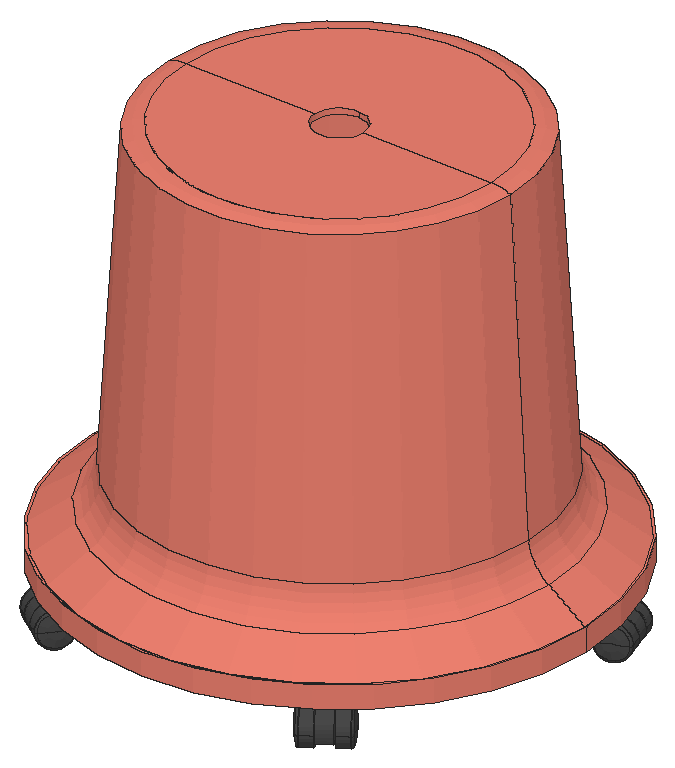
Revit family "Seating-Teknion-CQSMP_Routes_Multi-Use_Stool-R2018", category Furniture, Revit 2018
Family settings
  OmniClass Number = 23.40.20.00
  OmniClass Title = General Furniture and Specialties
  Work Plane-Based = No
  Always vertical = Yes
  Cut with Voids When Loaded = No
  Shared = Yes
  Room Calculation Point = No
Parameters (values of type "Multi-Use Stool")
  Warranty = "http://www.teknion.com/ca/papers/legal-canada"
  Unit Weight URL = "http://www.teknion.com/ca/tools/assets#&asset=bee6a381-b954-425e-8283-5a2de3a804f2,f828d448-4b62-4231-9e5f-9a8991c0ed77"
  URL = "www.teknion.com"
  To render please download texture images found here [instance] = "https://assets.teknion.com/web/5e81352c1dfdb467/revit-material-swatches/"
  Sustainability Data = "https://www.teknion.com/ca/tools/assets#&topic=216f99a5-57a0-44fc-b10a-9dee9b29ae4c&asset=444deb64-fe58-4b68-981e-f75e97781df7,b4ff2d81-9f2e-437d-9659-7cffb09c31cf"
  Series = "Routes"  # constant formula
  Product Page URL = "https://www.teknion.com/ca/products/all-products"
  Product Line = "Routes"  # constant formula
  Product Documentation Link = "https://assets.teknion.com/m/72af4764f50e983c/original/Routes-Reference-Guide.pdf"
  Plastic Seat Finish [instance] = Plastic - Teknion - 7W - Signal Red
  Part Number = "CQSMP"  # constant formula
  Model = "CQSMP"
  Manufacturer Phone = "416-661-3370"  # constant formula
  Manufacturer Fax = "416.661.4586"  # constant formula
  Manufacturer Contact Information = "http://www.teknion.com/ca/contactus"
  Manufacturer Address = "1150 Flint Road, Toronto, ON. M3J 2J5. Canada"  # constant formula
  Manufacturer = "Teknion"  # constant formula
  How To Use Teknion Materials User Guide [instance] = "https://assets.teknion.com/m/205dd0a49fa58060/original/How-to-add-a-Material-Library-and-Texture-Images-to-your-Revit-project.pdf"
  For Additional Finishes please visit [instance] = "https://assets.teknion.com/m/44a8009b046e5d47/original/Teknion_Materials_Library.zip"
  Description = "Routes Multi-Use Stool"
  Assembly Code = "E2020200"
Reference planes (in)
  plane 1 "Center Front/Back": y = 0.00346
  plane 2: z = 0
  plane 3 "Center Left/Right": x = 0.17126
  plane 4 "Left": x = -9.96875
  plane 5 "Right": x = 10.31128
  plane 6 "Back": y = 10.26374
  plane 7 "Front": y = -10.25683
  plane 8 "Top": z = 17.4375
Forms (in)
  Sweep 1, solid, material "Paint - Teknion - 52 - Ebony"
    path origin (0, 0, 0) x (1, 0, 0) y (0, 1, 0)
      loop
        line (0.51643, 10.26374) -> (1.02012, 10.26374)
    profile origin (0.76827, 10.26374, 0) x (0, 1, 0) y (0, 0, 1)
      loop
        circle (-0.72787, 0.72828) r 0.7283
  Sweep 2, solid, material "Paint - Teknion - 52 - Ebony"
    path origin (0.33686, 0, 0) x (-1, 0, 0) y (0, 1, 0)
      loop
        line (0.51643, 10.26374) -> (1.02012, 10.26374)
    profile origin (-0.43141, 10.26374, 0) x (0, -1, 0) y (0, 0, 1)
      loop
        circle (0.72787, 0.72828) r 0.7283
  Revolve 3, solid, material "Paint - Teknion - 52 - Ebony"
    sketch origin (0, 0, 0.72828) x (1, 0, 0) y (0, 1, 0)
      loop
        line (1.02012, 9.53587) -> (1.02012, 8.80757)
        arc (1.02012, 8.80757) -> (1.07979, 8.82931) -> (1.11156, 8.8843) r 0.09292
        arc (1.11156, 8.8843) -> (1.18042, 9.20654) -> (1.19156, 9.53587) r 1.86716
        line (1.19156, 9.53587) -> (1.02012, 9.53587)
      axis (1.02012, 9.53587) -> (1.19156, 9.53587)
    angle from 0 to 360
  Revolve 4, solid, material "Paint - Teknion - 52 - Ebony"
    sketch origin (0.33686, 0, 0.72828) x (-1, 0, 0) y (0, -1, 0)
      loop
        line (1.02012, -9.53587) -> (1.19156, -9.53587)
        arc (1.19156, -9.53587) -> (1.18042, -9.20654) -> (1.11156, -8.8843) r 1.86716
        arc (1.11156, -8.8843) -> (1.07979, -8.82931) -> (1.02012, -8.80757) r 0.09292
        line (1.02012, -8.80757) -> (1.02012, -9.53587)
      axis (1.02012, -9.53587) -> (1.19156, -9.53587)
    angle from 0 to 360
  Sweep 5, solid, material "Paint - Teknion - 52 - Ebony"
    path origin (0, 0, 0) x (1, 0, 0) y (0, 1, 0)
      loop
        line (-0.13957, 10.26374) -> (0.47643, 10.26374)
    profile origin (0.16843, 10.26374, 0) x (0, 1, 0) y (0, 0, 1)
      loop
        line (-1.58137, 0.37502) -> (-0.09098, 0.37502)
        arc (-0.09098, 0.37502) -> (-0.26201, 1.2881) -> (-1.19097, 1.29038) r 0.7283
        line (-1.19097, 1.29038) -> (-1.58137, 1.29038) -> (-1.58137, 0.37502)
  Sweep 6, solid, material "Paint - Teknion - 52 - Ebony"
    path origin (0.17126, 0, 0) x (0, 1, 0) y (0, 0, 1)
      loop
        line (8.98472, 1.40527) -> (8.98472, 1.29038)
    profile origin (0.17126, 8.98472, 1.34782) x (1, 0, 0) y (0, 1, 0)
      loop
        circle (-0.00293, 0) r 0.15794
  Sweep 7, void
    path origin (0.17126, 0, 0) x (0, 1, 0) y (0, 0, 1)
      loop
        line (8.96422, 1.40527) -> (8.96422, 0.27702)
    profile origin (0.17126, 8.96422, 0.84114) x (1, 0, 0) y (0, 1, 0)
      loop
        line (-0.31084, 0.02069) -> (-0.31084, -0.34889) -> (0.30516, -0.34889) -> (0.30516, 0.02069)
        arc (0.30516, 0.02069) -> (-0.00284, -0.28731) -> (-0.31084, 0.02069) r 0.308
  Sweep 8, solid, material "Paint - Teknion - 52 - Ebony"
    path origin (0, 0.00346, 0) x (1, 0, 0) y (0, 0, 1)
      loop
        line (0.16833, 1.40527) -> (0.16833, 1.56275)
    profile origin (0.16833, 0.00346, 1.48401) x (-1, 0, 0) y (0, -1, 0)
      loop
        circle (-0.00015, -8.98084) r 0.27542
  Sweep 9, solid, material "Paint - Teknion - 52 - Ebony"
    path origin (0.00272, -0.24287, 0) x (0.309017, 0.951057, 0) y (-0.951057, 0.309017, 0)
      loop
        line (0.51643, 10.26374) -> (1.02012, 10.26374)
    profile origin (-9.52126, 3.65947, 0) x (-0.951057, 0.309017, 0) y (0, 0, 1)
      loop
        circle (-0.72787, 0.72828) r 0.7283
  Sweep 10, solid, material "Paint - Teknion - 52 - Ebony"
    path origin (0.10682, 0.0775, 0) x (-0.309017, -0.951057, 0) y (-0.951057, 0.309017, 0)
      loop
        line (0.51643, 10.26374) -> (1.02012, 10.26374)
    profile origin (-9.89199, 2.5185, 0) x (0.951057, -0.309017, 0) y (0, 0, 1)
      loop
        circle (0.72787, 0.72828) r 0.7283
  Revolve 11, solid, material "Paint - Teknion - 52 - Ebony"
    sketch origin (0.00272, -0.24287, 0.72828) x (0.309017, 0.951057, 0) y (-0.951057, 0.309017, 0)
      loop
        line (1.02012, 9.53587) -> (1.02012, 8.80757)
        arc (1.02012, 8.80757) -> (1.07979, 8.82931) -> (1.11156, 8.8843) r 0.09292
        arc (1.11156, 8.8843) -> (1.18042, 9.20654) -> (1.19156, 9.53587) r 1.86716
        line (1.19156, 9.53587) -> (1.02012, 9.53587)
      axis (1.02012, 9.53587) -> (1.19156, 9.53587)
    angle from 0 to 360
  Revolve 12, solid, material "Paint - Teknion - 52 - Ebony"
    sketch origin (0.10682, 0.0775, 0.72828) x (-0.309017, -0.951057, 0) y (0.951057, -0.309017, 0)
      loop
        line (1.02012, -9.53587) -> (1.19156, -9.53587)
        arc (1.19156, -9.53587) -> (1.18042, -9.20654) -> (1.11156, -8.8843) r 1.86716
        arc (1.11156, -8.8843) -> (1.07979, -8.82931) -> (1.02012, -8.80757) r 0.09292
        line (1.02012, -8.80757) -> (1.02012, -9.53587)
      axis (1.02012, -9.53587) -> (1.19156, -9.53587)
    angle from 0 to 360
  Sweep 13, solid, material "Paint - Teknion - 52 - Ebony"
    path origin (0.00272, -0.24287, 0) x (0.309017, 0.951057, 0) y (-0.951057, 0.309017, 0)
      loop
        line (-0.13957, 10.26374) -> (0.47643, 10.26374)
    profile origin (-9.70663, 3.08899, 0) x (-0.951057, 0.309017, 0) y (0, 0, 1)
      loop
        line (-1.58137, 0.37502) -> (-0.09098, 0.37502)
        arc (-0.09098, 0.37502) -> (-0.26201, 1.2881) -> (-1.19097, 1.29038) r 0.7283
        line (-1.19097, 1.29038) -> (-1.58137, 1.29038) -> (-1.58137, 0.37502)
  Sweep 14, solid, material "Paint - Teknion - 52 - Ebony"
    path origin (0.05565, -0.07999, 0) x (-0.951057, 0.309017, 0) y (0, 0, 1)
      loop
        line (8.98472, 1.40527) -> (8.98472, 1.29038)
    profile origin (-8.48933, 2.69644, 1.34782) x (0.309017, 0.951057, 0) y (-0.951057, 0.309017, 0)
      loop
        circle (-0.00293, 0) r 0.15794
  Sweep 15, void
    path origin (0.05565, -0.07999, 0) x (-0.951057, 0.309017, 0) y (0, 0, 1)
      loop
        line (8.96422, 1.40527) -> (8.96422, 0.27702)
    profile origin (-8.46984, 2.69011, 0.84114) x (0.309017, 0.951057, 0) y (-0.951057, 0.309017, 0)
      loop
        line (-0.31084, 0.02069) -> (-0.31084, -0.34889) -> (0.30516, -0.34889) -> (0.30516, 0.02069)
        arc (0.30516, 0.02069) -> (-0.00284, -0.28731) -> (-0.31084, 0.02069) r 0.308
  Sweep 16, solid, material "Paint - Teknion - 52 - Ebony"
    path origin (-0.00056, -0.2418, 0) x (0.309017, 0.951057, 0) y (0, 0, 1)
      loop
        line (0.16833, 1.40527) -> (0.16833, 1.56275)
    profile origin (0.05145, -0.08171, 1.48401) x (-0.309017, -0.951057, 0) y (0.951057, -0.309017, 0)
      loop
        circle (-0.00015, -8.98084) r 0.27542
  Sweep 17, solid, material "Paint - Teknion - 52 - Ebony"
    path origin (0.33405, -0.2429, 0) x (-0.309017, 0.951057, 0) y (0.951057, 0.309017, 0)
      loop
        line (0.51643, 10.26374) -> (1.02012, 10.26374)
    profile origin (9.85803, 3.65944, 0) x (-0.951057, -0.309017, 0) y (0, 0, 1)
      loop
        circle (0.72787, 0.72828) r 0.7283
  Sweep 18, solid, material "Paint - Teknion - 52 - Ebony"
    path origin (0.22995, 0.07747, 0) x (0.309017, -0.951057, 0) y (0.951057, 0.309017, 0)
      loop
        line (0.51643, 10.26374) -> (1.02012, 10.26374)
    profile origin (10.22876, 2.51847, 0) x (0.951057, 0.309017, 0) y (0, 0, 1)
      loop
        circle (-0.72787, 0.72828) r 0.7283
  Revolve 19, solid, material "Paint - Teknion - 52 - Ebony"
    sketch origin (0.33405, -0.2429, 0.72828) x (-0.309017, 0.951057, 0) y (-0.951057, -0.309017, 0)
      loop
        line (1.02012, -9.53587) -> (1.19156, -9.53587)
        arc (1.19156, -9.53587) -> (1.18042, -9.20654) -> (1.11156, -8.8843) r 1.86716
        arc (1.11156, -8.8843) -> (1.07979, -8.82931) -> (1.02012, -8.80757) r 0.09292
        line (1.02012, -8.80757) -> (1.02012, -9.53587)
      axis (1.02012, -9.53587) -> (1.19156, -9.53587)
    angle from 0 to 360
  Revolve 20, solid, material "Paint - Teknion - 52 - Ebony"
    sketch origin (0.22995, 0.07747, 0.72828) x (0.309017, -0.951057, 0) y (0.951057, 0.309017, 0)
      loop
        line (1.02012, 9.53587) -> (1.02012, 8.80757)
        arc (1.02012, 8.80757) -> (1.07979, 8.82931) -> (1.11156, 8.8843) r 0.09292
        arc (1.11156, 8.8843) -> (1.18042, 9.20654) -> (1.19156, 9.53587) r 1.86716
        line (1.19156, 9.53587) -> (1.02012, 9.53587)
      axis (1.02012, 9.53587) -> (1.19156, 9.53587)
    angle from 0 to 360
  Sweep 21, solid, material "Paint - Teknion - 52 - Ebony"
    path origin (0.33405, -0.2429, 0) x (-0.309017, 0.951057, 0) y (0.951057, 0.309017, 0)
      loop
        line (-0.13957, 10.26374) -> (0.47643, 10.26374)
    profile origin (10.04339, 3.08896, 0) x (-0.951057, -0.309017, 0) y (0, 0, 1)
      loop
        line (1.58137, 0.37502) -> (1.58137, 1.29038) -> (1.19097, 1.29038)
        arc (1.19097, 1.29038) -> (0.26201, 1.2881) -> (0.09098, 0.37502) r 0.7283
        line (0.09098, 0.37502) -> (1.58137, 0.37502)
  Sweep 22, solid, material "Paint - Teknion - 52 - Ebony"
    path origin (0.28112, -0.08002, 0) x (0.951057, 0.309017, 0) y (0, 0, -1)
      loop
        line (8.98472, -1.40527) -> (8.98472, -1.29038)
    profile origin (8.8261, 2.69641, 1.34782) x (-0.309017, 0.951057, 0) y (-0.951057, -0.309017, 0)
      loop
        circle (-0.00293, 0) r 0.15794
  Sweep 23, void
    path origin (0.28112, -0.08002, 0) x (0.951057, 0.309017, 0) y (0, 0, -1)
      loop
        line (8.96422, -1.40527) -> (8.96422, -0.27702)
    profile origin (8.8066, 2.69008, 0.84114) x (-0.309017, 0.951057, 0) y (-0.951057, -0.309017, 0)
      loop
        arc (-0.31084, -0.02069) -> (-0.00284, 0.28731) -> (0.30516, -0.02069) r 0.308
        line (0.30516, -0.02069) -> (0.30516, 0.34889) -> (-0.31084, 0.34889) -> (-0.31084, -0.02069)
  Sweep 24, solid, material "Paint - Teknion - 52 - Ebony"
    path origin (0.33733, -0.24183, 0) x (-0.309017, 0.951057, 0) y (0, 0, -1)
      loop
        line (0.16833, -1.40527) -> (0.16833, -1.56275)
    profile origin (0.28531, -0.08173, 1.48401) x (-0.309017, 0.951057, 0) y (-0.951057, -0.309017, 0)
      loop
        circle (0.00015, -8.98084) r 0.27542
  Sweep 25, solid, material "Paint - Teknion - 52 - Ebony"
    path origin (0.10236, -0.31522, 0) x (0.809017, 0.587785, 0) y (0.587785, -0.809017, 0)
      loop
        line (0.51643, 10.26374) -> (1.02012, 10.26374)
    profile origin (6.75678, -8.16718, 0) x (-0.587785, 0.809017, 0) y (0, 0, 1)
      loop
        circle (0.72787, 0.72828) r 0.7283
  Sweep 26, solid, material "Paint - Teknion - 52 - Ebony"
    path origin (0.37488, -0.11722, 0) x (-0.809017, -0.587785, 0) y (0.587785, -0.809017, 0)
      loop
        line (0.51643, 10.26374) -> (1.02012, 10.26374)
    profile origin (5.78621, -8.87234, 0) x (0.587785, -0.809017, 0) y (0, 0, 1)
      loop
        circle (-0.72787, 0.72828) r 0.7283
  Revolve 27, solid, material "Paint - Teknion - 52 - Ebony"
    sketch origin (0.10236, -0.31522, 0.72828) x (0.809017, 0.587785, 0) y (-0.587785, 0.809017, 0)
      loop
        line (1.02012, -9.53587) -> (1.19156, -9.53587)
        arc (1.19156, -9.53587) -> (1.18042, -9.20654) -> (1.11156, -8.8843) r 1.86716
        arc (1.11156, -8.8843) -> (1.07979, -8.82931) -> (1.02012, -8.80757) r 0.09292
        line (1.02012, -8.80757) -> (1.02012, -9.53587)
      axis (1.02012, -9.53587) -> (1.19156, -9.53587)
    angle from 0 to 360
  Revolve 28, solid, material "Paint - Teknion - 52 - Ebony"
    sketch origin (0.37488, -0.11722, 0.72828) x (-0.809017, -0.587785, 0) y (0.587785, -0.809017, 0)
      loop
        line (1.02012, 9.53587) -> (1.02012, 8.80757)
        arc (1.02012, 8.80757) -> (1.07979, 8.82931) -> (1.11156, 8.8843) r 0.09292
        arc (1.11156, 8.8843) -> (1.18042, 9.20654) -> (1.19156, 9.53587) r 1.86716
        line (1.19156, 9.53587) -> (1.02012, 9.53587)
      axis (1.02012, 9.53587) -> (1.19156, 9.53587)
    angle from 0 to 360
  Sweep 29, solid, material "Paint - Teknion - 52 - Ebony"
    path origin (0.10236, -0.31522, 0) x (0.809017, 0.587785, 0) y (0.587785, -0.809017, 0)
      loop
        line (-0.13957, 10.26374) -> (0.47643, 10.26374)
    profile origin (6.27149, -8.51976, 0) x (-0.587785, 0.809017, 0) y (0, 0, 1)
      loop
        line (1.58137, 0.37502) -> (1.58137, 1.29038) -> (1.19097, 1.29038)
        arc (1.19097, 1.29038) -> (0.26201, 1.2881) -> (0.09098, 0.37502) r 0.7283
        line (0.09098, 0.37502) -> (1.58137, 0.37502)
  Sweep 30, solid, material "Paint - Teknion - 52 - Ebony"
    path origin (0.24091, -0.21456, 0) x (0.587785, -0.809017, 0) y (0, 0, -1)
      loop
        line (8.98472, -1.40527) -> (8.98472, -1.29038)
    profile origin (5.522, -7.48334, 1.34782) x (0.809017, 0.587785, 0) y (-0.587785, 0.809017, 0)
      loop
        circle (-0.00293, 0) r 0.15794
  Sweep 31, void
    path origin (0.24091, -0.21456, 0) x (0.587785, -0.809017, 0) y (0, 0, -1)
      loop
        line (8.96422, -1.40527) -> (8.96422, -0.27702)
    profile origin (5.50995, -7.46676, 0.84114) x (0.809017, 0.587785, 0) y (-0.587785, 0.809017, 0)
      loop
        arc (-0.31084, -0.02069) -> (-0.00284, 0.28731) -> (0.30516, -0.02069) r 0.308
        line (0.30516, -0.02069) -> (0.30516, 0.34889) -> (-0.31084, 0.34889) -> (-0.31084, -0.02069)
  Sweep 32, solid, material "Paint - Teknion - 52 - Ebony"
    path origin (0.10439, -0.31802, 0) x (0.809017, 0.587785, 0) y (0, 0, -1)
      loop
        line (0.16833, -1.40527) -> (0.16833, -1.56275)
    profile origin (0.24057, -0.21907, 1.48401) x (0.809017, 0.587785, 0) y (-0.587785, 0.809017, 0)
      loop
        circle (0.00015, -8.98084) r 0.27542
  Sweep 33, solid, material "Paint - Teknion - 52 - Ebony"
    path origin (0.24017, -0.31522, 0) x (-0.809017, 0.587785, 0) y (-0.587785, -0.809017, 0)
      loop
        line (0.51643, 10.26374) -> (1.02012, 10.26374)
    profile origin (-6.41425, -8.16718, 0) x (-0.587785, -0.809017, 0) y (0, 0, 1)
      loop
        circle (-0.72787, 0.72828) r 0.7283
  Sweep 34, solid, material "Paint - Teknion - 52 - Ebony"
    path origin (-0.03235, -0.11722, 0) x (0.809017, -0.587785, 0) y (-0.587785, -0.809017, 0)
      loop
        line (0.51643, 10.26374) -> (1.02012, 10.26374)
    profile origin (-5.44368, -8.87234, 0) x (0.587785, 0.809017, 0) y (0, 0, 1)
      loop
        circle (0.72787, 0.72828) r 0.7283
  Revolve 35, solid, material "Paint - Teknion - 52 - Ebony"
    sketch origin (0.24017, -0.31522, 0.72828) x (-0.809017, 0.587785, 0) y (-0.587785, -0.809017, 0)
      loop
        line (1.02012, 9.53587) -> (1.02012, 8.80757)
        arc (1.02012, 8.80757) -> (1.07979, 8.82931) -> (1.11156, 8.8843) r 0.09292
        arc (1.11156, 8.8843) -> (1.18042, 9.20654) -> (1.19156, 9.53587) r 1.86716
        line (1.19156, 9.53587) -> (1.02012, 9.53587)
      axis (1.02012, 9.53587) -> (1.19156, 9.53587)
    angle from 0 to 360
  Revolve 36, solid, material "Paint - Teknion - 52 - Ebony"
    sketch origin (-0.03235, -0.11722, 0.72828) x (0.809017, -0.587785, 0) y (0.587785, 0.809017, 0)
      loop
        line (1.02012, -9.53587) -> (1.19156, -9.53587)
        arc (1.19156, -9.53587) -> (1.18042, -9.20654) -> (1.11156, -8.8843) r 1.86716
        arc (1.11156, -8.8843) -> (1.07979, -8.82931) -> (1.02012, -8.80757) r 0.09292
        line (1.02012, -8.80757) -> (1.02012, -9.53587)
      axis (1.02012, -9.53587) -> (1.19156, -9.53587)
    angle from 0 to 360
  Sweep 37, solid, material "Paint - Teknion - 52 - Ebony"
    path origin (0.24017, -0.31522, 0) x (-0.809017, 0.587785, 0) y (-0.587785, -0.809017, 0)
      loop
        line (-0.13957, 10.26374) -> (0.47643, 10.26374)
    profile origin (-5.92896, -8.51976, 0) x (-0.587785, -0.809017, 0) y (0, 0, 1)
      loop
        line (-1.58137, 0.37502) -> (-0.09098, 0.37502)
        arc (-0.09098, 0.37502) -> (-0.26201, 1.2881) -> (-1.19097, 1.29038) r 0.7283
        line (-1.19097, 1.29038) -> (-1.58137, 1.29038) -> (-1.58137, 0.37502)
  Sweep 38, solid, material "Paint - Teknion - 52 - Ebony"
    path origin (0.10162, -0.21456, 0) x (-0.587785, -0.809017, 0) y (0, 0, 1)
      loop
        line (8.98472, 1.40527) -> (8.98472, 1.29038)
    profile origin (-5.17947, -7.48334, 1.34782) x (-0.809017, 0.587785, 0) y (-0.587785, -0.809017, 0)
      loop
        circle (-0.00293, 0) r 0.15794
  Sweep 39, void
    path origin (0.10162, -0.21456, 0) x (-0.587785, -0.809017, 0) y (0, 0, 1)
      loop
        line (8.96422, 1.40527) -> (8.96422, 0.27702)
    profile origin (-5.16742, -7.46676, 0.84114) x (-0.809017, 0.587785, 0) y (-0.587785, -0.809017, 0)
      loop
        line (-0.31084, 0.02069) -> (-0.31084, -0.34889) -> (0.30516, -0.34889) -> (0.30516, 0.02069)
        arc (0.30516, 0.02069) -> (-0.00284, -0.28731) -> (-0.31084, 0.02069) r 0.308
  Sweep 40, solid, material "Paint - Teknion - 52 - Ebony"
    path origin (0.23814, -0.31802, 0) x (-0.809017, 0.587785, 0) y (0, 0, 1)
      loop
        line (0.16833, 1.40527) -> (0.16833, 1.56275)
    profile origin (0.10196, -0.21907, 1.48401) x (0.809017, -0.587785, 0) y (0.587785, 0.809017, 0)
      loop
        circle (-0.00015, -8.98084) r 0.27542
  Revolve 41, solid, material "Plastic - Teknion - 7W - Signal Red" <- "Plastic Seat Finish"
    sketch origin (0, -0.12402, 0) x (1, 0, 0) y (0, 0, 1)
      loop
        arc (-6.08806, 17.4375) -> (-6.47705, 17.39226) -> (-6.85295, 17.28246) r 2.32752
        line (-6.85295, 17.28246) -> (-7.61155, 4.86979)
        arc (-7.61155, 4.86979) -> (-7.84761, 4.08172) -> (-8.409, 3.48037) r 1.80427
        line (-8.409, 3.48037) -> (-9.88467, 2.46852) -> (-9.96875, 2.46852) -> (-9.96875, 1.56852) -> (0.17126, 1.56852) -> (0.17126, 17.4375) -> (-6.08806, 17.4375)
      axis (0.17126, 17.4375) -> (0.17126, 1.56852)
    angle from 0 to 360
  Revolve 42, void
    sketch origin (0, 0.00346, 0) x (1, 0, 0) y (0, 0, 1)
      loop
        line (8.53638, 0.29038) -> (8.53638, 3.2541)
        arc (8.53638, 3.2541) -> (7.97393, 3.97145) -> (7.75258, 4.85572) r 2.18805
        line (7.75258, 4.85572) -> (7.00152, 17.11854)
        arc (7.00152, 17.11854) -> (6.67763, 17.19589) -> (6.34564, 17.22188) r 2.13299
        line (6.34564, 17.22188) -> (0.17126, 17.22188) -> (0.17126, 0.29038) -> (8.53638, 0.29038)
      axis (0.17126, 17.22188) -> (0.17126, 0.29038)
    angle from 0 to 360
  Sweep 43, void
    path origin (0, 0.00346, 0) x (1, 0, 0) y (0, 0, 1)
      loop
        line (0.17126, 18.9375) -> (0.17126, 12.6875)
    profile origin (0.17126, 0.00346, 15.8125) x (0, -1, 0) y (1, 0, 0)
      loop
        circle (0.12247, 0) r 0.98919
Cuts and joins
  joined: Sweep 1, Revolve 3
  joined: Sweep 2, Revolve 4
  Sweep 7, Sweep 15 cuts Sweep 5
  Sweep 15, Sweep 23 cuts Sweep 13
  Sweep 23, Sweep 31 cuts Sweep 21
  Sweep 31, Sweep 39 cuts Sweep 29
  Sweep 39 cuts Sweep 37
  Revolve 42, Sweep 43 cuts Revolve 41
Lines and regions (in)
  Masking region 1
    outline origin (0, 0, 0) x (1, 0, 0) y (0, 1, 0)
      loop
        circle (0.17126, -0.12402) r 10.14001
  Masking region 2
    outline origin (0, 0, 0) x (1, 0, 0) y (0, 1, 0)
      loop
        arc (-0.82812, 9.9647) -> (-0.50379, 9.98664) -> (-0.17957, 10.01005) r 71.82752
        line (-0.17957, 10.01005) -> (-0.17957, 10.26374) -> (-0.68996, 10.26374)
        arc (-0.68996, 10.26374) -> (-0.74543, 10.24014) -> (-0.7747, 10.18744) r 0.09282
        arc (-0.7747, 10.18744) -> (-0.80618, 10.07721) -> (-0.82812, 9.9647) r 1.34095
      loop
        line (-0.13957, 10.26417) -> (-0.13957, 10.00978) -> (0.47643, 10.00978) -> (0.47643, 10.26417) -> (-0.13957, 10.26417)
      loop
        arc (0.51643, 10.00978) -> (0.84112, 9.98883) -> (1.16557, 9.96439) r 30.20817
        arc (1.16557, 9.96439) -> (1.13986, 10.09168) -> (1.10162, 10.21578) r 1.30456
        arc (1.10162, 10.21578) -> (1.07087, 10.24927) -> (1.02777, 10.26374) r 0.09116
        line (1.02777, 10.26374) -> (0.51643, 10.26374) -> (0.51643, 10.00978)
      loop
        arc (-9.73058, 2.04894) -> (-9.65123, 2.36417) -> (-9.5733, 2.67976) r 71.82752
        line (-9.5733, 2.67976) -> (-9.81457, 2.75815) -> (-9.97229, 2.27274)
        arc (-9.97229, 2.27274) -> (-9.96698, 2.21269) -> (-9.92591, 2.16857) r 0.09282
        arc (-9.92591, 2.16857) -> (-9.83081, 2.10457) -> (-9.73058, 2.04894) r 1.34095
      loop
        line (-9.80262, 2.79633) -> (-9.56068, 2.71772) -> (-9.37033, 3.30357) -> (-9.61227, 3.38218) -> (-9.80262, 2.79633)
      loop
        arc (-9.35797, 3.34161) -> (-9.23771, 3.64394) -> (-9.1142, 3.94495) r 30.20817
        arc (-9.1142, 3.94495) -> (-9.24321, 3.95984) -> (-9.37305, 3.96182) r 1.30456
        arc (-9.37305, 3.96182) -> (-9.4144, 3.94292) -> (-9.44148, 3.9064) r 0.09116
        line (-9.44148, 3.9064) -> (-9.5995, 3.42009) -> (-9.35797, 3.34161)
      loop
        arc (10.07319, 2.05192) -> (10.17015, 2.10624) -> (10.26227, 2.16841) r 1.34095
        arc (10.26227, 2.16841) -> (10.30334, 2.21253) -> (10.30865, 2.27258) r 0.09282
        line (10.30865, 2.27258) -> (10.15093, 2.75799) -> (9.91619, 2.68172)
        arc (9.91619, 2.68172) -> (9.99398, 2.36664) -> (10.07319, 2.05192) r 71.82752
      loop
        line (10.13898, 2.79616) -> (9.94863, 3.38202) -> (9.71266, 3.30534) -> (9.90301, 2.71949) -> (10.13898, 2.79616)
      loop
        line (9.69921, 3.34303) -> (9.93586, 3.41992) -> (9.77784, 3.90624)
        arc (9.77784, 3.90624) -> (9.75076, 3.94276) -> (9.70941, 3.96166) r 0.09116
        arc (9.70941, 3.96166) -> (9.58212, 3.95984) -> (9.45561, 3.94562) r 1.30456
        arc (9.45561, 3.94562) -> (9.57903, 3.64498) -> (9.69921, 3.34303) r 30.20817
      loop
        arc (-4.95369, -8.8716) -> (-5.2305, -8.69775) -> (-5.5081, -8.52515) r 71.8273
        line (-5.5081, -8.52515) -> (-5.65355, -8.72496) -> (-5.23698, -9.02732)
        arc (-5.23698, -9.02732) -> (-5.17702, -9.0405) -> (-5.12165, -9.01399) r 0.09433
        arc (-5.12165, -9.01399) -> (-5.03474, -8.94625) -> (-4.95369, -8.8716) r 1.34146
      loop
        line (-5.68215, -8.70405) -> (-5.5363, -8.5033) -> (-6.03465, -8.14123) -> (-6.1805, -8.34198) -> (-5.68215, -8.70405)
      loop
        arc (-6.07142, -8.11507) -> (-6.32063, -7.90824) -> (-6.56761, -7.69875) r 30.2086
        arc (-6.56761, -7.69875) -> (-6.61941, -7.81366) -> (-6.6599, -7.93304) r 1.30655
        arc (-6.6599, -7.93304) -> (-6.65536, -7.97818) -> (-6.63002, -8.01582) r 0.09312
        line (-6.63002, -8.01582) -> (-6.21675, -8.31549) -> (-6.07142, -8.11507)
      loop
        arc (5.29663, -8.87077) -> (5.37724, -8.945) -> (5.46364, -9.01239) r 1.34095
        arc (5.46364, -9.01239) -> (5.51829, -9.03782) -> (5.57704, -9.02431) r 0.09282
        line (5.57704, -9.02431) -> (5.98996, -8.72431) -> (5.84665, -8.52707)
        arc (5.84665, -8.52707) -> (5.57125, -8.6983) -> (5.29663, -8.87077) r 71.82752
      loop
        line (6.02257, -8.70115) -> (6.52092, -8.33907) -> (6.37718, -8.14123) -> (5.87883, -8.5033) -> (6.02257, -8.70115)
      loop
        line (6.40949, -8.11765) -> (6.55303, -8.31521) -> (6.96671, -8.01465)
        arc (6.96671, -8.01465) -> (6.99308, -7.97761) -> (6.99828, -7.93245) r 0.09116
        arc (6.99828, -7.93245) -> (6.95811, -7.81423) -> (6.90683, -7.7004) r 1.30456
        arc (6.90683, -7.7004) -> (6.65928, -7.91036) -> (6.40949, -8.11765) r 30.20817
  symbolic lines
    curve 1: arc (8.75153, -0.12402, 0) -> (0.17126, 8.45624, 0) -> (-8.409, -0.12402, 0) r 8.58026
    curve 2: arc (-8.409, -0.12402, 0) -> (0.17126, -8.70428, 0) -> (8.75153, -0.12402, 0) r 8.58026
    curve 3: arc (-6.85295, -0.12402, 0) -> (0.17126, -7.14823, 0) -> (7.19548, -0.12402, 0) r 7.02421
    curve 4: arc (7.19548, -0.12402, 0) -> (0.17126, 6.90019, 0) -> (-6.85295, -0.12402, 0) r 7.02421
    curve 5: arc (6.43058, -0.12402, 0) -> (0.17126, 6.1353, 0) -> (-6.08806, -0.12402, 0) r 6.25932
    curve 6: arc (-6.08806, -0.12402, 0) -> (0.17126, -6.38334, 0) -> (6.43058, -0.12402, 0) r 6.25932
    curve 7: arc (10.22182, -0.12402, 0) -> (0.17126, 9.92653, 0) -> (-9.87929, -0.12402, 0) r 10.05055
    curve 8: arc (-9.879, -0.12402, 0) -> (0.17126, -10.17428, 0) -> (10.22153, -0.12402, 0) r 10.05026
    curve 9: arc (0.17126, 0.87018, 0) -> (-0.81793, -0.11902, 0) -> (0.17126, -1.10821, 0) r 0.98919
    curve 10: arc (0.17126, -1.10821, 0) -> (1.16046, -0.11902, 0) -> (0.17126, 0.87018, 0) r 0.98919
  symbolic lines, style "FurnitureHiddenLines", detail levels fine
    curve 11: arc (-9.1142, 3.94495, 0) -> (-8.58968, 3.8023, 0) -> (-8.10326, 3.55969, 0) r 2.76193
    curve 12: arc (-8.10326, 3.55969, 0) -> (-8.063, 3.51158, 0) -> (-8.05854, 3.44901, 0) r 0.10192
    curve 13: line (-8.05854, 3.44901, 0) -> (-8.21419, 2.96997, 0)
    curve 14: line (-8.21419, 2.96997, 0) -> (-9.35797, 3.34161, 0)
    curve 15: line (-9.37033, 3.30357, 0) -> (-8.47876, 3.01388, 0)
    curve 16: line (-8.47876, 3.01388, 0) -> (-8.66912, 2.42803, 0)
    curve 17: line (-8.66912, 2.42803, 0) -> (-9.56068, 2.71772, 0)
    curve 18: line (-9.5733, 2.67976, 0) -> (-8.42926, 2.30804, 0)
    curve 19: line (-8.42926, 2.30804, 0) -> (-8.58491, 1.829, 0)
    curve 20: arc (-8.58491, 1.829, 0) -> (-8.62402, 1.77895, 0) -> (-8.68614, 1.76575, 0) r 0.09285
    curve 21: arc (-8.68614, 1.76575, 0) -> (-9.22262, 1.85475, 0) -> (-9.73058, 2.04894, 0) r 2.71372
    curve 30: circle (-8.49173, 2.69337, 0) r 0.52344 normal (0, 0, 1)
    curve 31: circle (-8.48989, 2.69487, 0) r 0.15733 normal (0, 0, 1)
    curve 33: arc (1.16557, 9.96482, 0) -> (1.19199, 9.42189, 0) -> (1.11156, 8.8843, 0) r 2.76193
    curve 34: arc (1.11156, 8.8843, 0) -> (1.07825, 8.83115, 0) -> (1.02012, 8.80757, 0) r 0.10192
    curve 35: line (1.02012, 8.80757, 0) -> (0.51643, 8.80757, 0)
    curve 36: line (0.51643, 8.80757, 0) -> (0.51643, 10.01021, 0)
    curve 37: line (0.47643, 10.01021, 0) -> (0.47643, 9.07276, 0)
    curve 38: line (0.47643, 9.07276, 0) -> (-0.13957, 9.07276, 0)
    curve 39: line (-0.13957, 9.07276, 0) -> (-0.13957, 10.01021, 0)
    curve 40: line (-0.17957, 10.01048, 0) -> (-0.17957, 8.80757, 0)
    curve 41: line (-0.17957, 8.80757, 0) -> (-0.68326, 8.80757, 0)
    curve 42: arc (-0.68326, 8.80757, 0) -> (-0.74294, 8.82929, 0) -> (-0.7747, 8.8843, 0) r 0.09285
    curve 43: arc (-0.7747, 8.8843, 0) -> (-0.85583, 9.42203, 0) -> (-0.82812, 9.96513, 0) r 2.71372
    curve 52: circle (0.1676, 8.98605, 0) r 0.52344 normal (0, 0, 1)
    curve 53: circle (0.16959, 8.98476, 0) r 0.15733 normal (0, 0, 1)
    curve 55: arc (9.45673, 3.94495, 0) -> (8.93221, 3.8023, 0) -> (8.44579, 3.55969, 0) r 2.76193
    curve 56: arc (8.44579, 3.55969, 0) -> (8.40553, 3.51158, 0) -> (8.40107, 3.44901, 0) r 0.10192
    curve 57: line (8.40107, 3.44901, 0) -> (8.55672, 2.96997, 0)
    curve 58: line (8.55672, 2.96997, 0) -> (9.7005, 3.34161, 0)
    curve 59: line (9.71286, 3.30357, 0) -> (8.82129, 3.01388, 0)
    curve 60: line (8.82129, 3.01388, 0) -> (9.01165, 2.42803, 0)
    curve 61: line (9.01165, 2.42803, 0) -> (9.90321, 2.71772, 0)
    curve 62: line (9.91583, 2.67976, 0) -> (8.77179, 2.30804, 0)
    curve 63: line (8.77179, 2.30804, 0) -> (8.92744, 1.829, 0)
    curve 64: arc (8.92744, 1.829, 0) -> (8.96655, 1.77895, 0) -> (9.02867, 1.76575, 0) r 0.09285
    curve 65: arc (9.02867, 1.76575, 0) -> (9.56515, 1.85475, 0) -> (10.07311, 2.04894, 0) r 2.71372
    curve 74: circle (8.83425, 2.69337, 0) r 0.52344 normal (0, 0, -1)
    curve 75: circle (8.83242, 2.69487, 0) r 0.15733 normal (0, 0, -1)
    curve 77: arc (5.29621, -8.87104, 0) -> (4.95144, -8.44439, 0) -> (4.69779, -7.95801, 0) r 2.76193
    curve 78: arc (4.69779, -7.95801, 0) -> (4.6935, -7.89543, 0) -> (4.72667, -7.84219, 0) r 0.10192
    curve 79: line (4.72667, -7.84219, 0) -> (5.13416, -7.54613, 0)
    curve 80: line (5.13416, -7.54613, 0) -> (5.84679, -8.52698, 0)
    curve 81: line (5.87884, -8.50304, 0) -> (5.3224, -7.73716, 0)
    curve 82: line (5.3224, -7.73716, 0) -> (5.82075, -7.37509, 0)
    curve 83: line (5.82075, -7.37509, 0) -> (6.37717, -8.14093, 0)
    curve 84: line (6.40962, -8.11755, 0) -> (5.69723, -7.13703, 0)
    curve 85: line (5.69723, -7.13703, 0) -> (6.10473, -6.84097, 0)
    curve 86: arc (6.10473, -6.84097, 0) -> (6.16578, -6.82346, 0) -> (6.22381, -6.8493, 0) r 0.09285
    curve 87: arc (6.22381, -6.8493, 0) -> (6.60843, -7.24028, 0) -> (6.90659, -7.70061, 0) r 2.71372
    curve 96: circle (5.52127, -7.48548, 0) r 0.52344 normal (0, 0, 1)
    curve 97: circle (5.51891, -7.48562, 0) r 0.15733 normal (0, 0, 1)
    curve 99: arc (-4.95403, -8.87139, 0) -> (-4.60905, -8.44459, 0) -> (-4.35526, -7.95801, 0) r 2.76193
    curve 100: arc (-4.35526, -7.95801, 0) -> (-4.35097, -7.89543, 0) -> (-4.38414, -7.84219, 0) r 0.10192
    curve 101: line (-4.38414, -7.84219, 0) -> (-4.79526, -7.54349, 0)
    curve 102: line (-4.79526, -7.54349, 0) -> (-5.50794, -8.52441, 0)
    curve 103: line (-5.53656, -8.50338, 0) -> (-4.97987, -7.73716, 0)
    curve 104: line (-4.97987, -7.73716, 0) -> (-5.47822, -7.37509, 0)
    curve 105: line (-5.47822, -7.37509, 0) -> (-6.02924, -8.1335, 0)
    curve 106: line (-6.06176, -8.11021, 0) -> (-5.35471, -7.13703, 0)
    curve 107: line (-5.35471, -7.13703, 0) -> (-5.7622, -6.84097, 0)
    curve 108: arc (-5.7622, -6.84097, 0) -> (-5.82325, -6.82346, 0) -> (-5.88128, -6.8493, 0) r 0.09285
    curve 109: arc (-5.88128, -6.8493, 0) -> (-6.26298, -7.23664, 0) -> (-6.55979, -7.69231, 0) r 2.71372
    curve 118: circle (-5.17874, -7.48548, 0) r 0.52344 normal (0, 0, -1)
    curve 119: circle (-5.17638, -7.48562, 0) r 0.15733 normal (0, 0, -1)
  symbolic lines, style "FurnitureHiddenLines", detail levels medium+fine
    curve 22: line (-9.03145, 3.4491, 0) -> (-9.372, 2.40098, 0)
    curve 23: line (-7.73509, 3.23503, 0) -> (-8.78321, 3.57558, 0)
    curve 24: line (-9.24552, 2.15274, 0) -> (-8.1974, 1.81219, 0)
    curve 25: line (-7.94916, 1.93867, 0) -> (-7.60861, 2.98679, 0)
    curve 26: arc (-9.03145, 3.4491, 0) -> (-8.93352, 3.56375, 0) -> (-8.78321, 3.57558, 0) r 0.197
    curve 27: arc (-7.73509, 3.23503, 0) -> (-7.62044, 3.13711, 0) -> (-7.60861, 2.98679, 0) r 0.197
    curve 28: arc (-9.372, 2.40098, 0) -> (-9.36017, 2.25066, 0) -> (-9.24552, 2.15274, 0) r 0.197
    curve 29: arc (-8.1974, 1.81219, 0) -> (-8.04708, 1.82402, 0) -> (-7.94916, 1.93867, 0) r 0.197
    curve 32: circle (-8.49193, 2.69487, 0) r 0.37333 normal (0, 0, 1)
    curve 44: line (0.71956, 9.73289, 0) -> (-0.3825, 9.73289, 0)
    curve 45: line (0.91656, 8.43382, 0) -> (0.91656, 9.53589, 0)
    curve 46: line (-0.5795, 9.53589, 0) -> (-0.5795, 8.43382, 0)
    curve 47: line (-0.3825, 8.23682, 0) -> (0.71956, 8.23682, 0)
    curve 48: arc (0.71956, 9.73289, 0) -> (0.85886, 9.67519, 0) -> (0.91656, 9.53589, 0) r 0.197
    curve 49: arc (0.91656, 8.43382, 0) -> (0.85886, 8.29452, 0) -> (0.71956, 8.23682, 0) r 0.197
    curve 50: arc (-0.3825, 9.73289, 0) -> (-0.5218, 9.67519, 0) -> (-0.5795, 9.53589, 0) r 0.197
    curve 51: arc (-0.5795, 8.43382, 0) -> (-0.5218, 8.29452, 0) -> (-0.3825, 8.23682, 0) r 0.197
    curve 54: circle (0.16896, 8.98671, 0) r 0.37333 normal (0, 0, 1)
    curve 66: line (9.37398, 3.4491, 0) -> (9.71453, 2.40098, 0)
    curve 67: line (8.07762, 3.23503, 0) -> (9.12574, 3.57558, 0)
    curve 68: line (9.58805, 2.15274, 0) -> (8.53993, 1.81219, 0)
    curve 69: line (8.29169, 1.93867, 0) -> (7.95113, 2.98679, 0)
    curve 70: arc (9.37398, 3.4491, 0) -> (9.27605, 3.56375, 0) -> (9.12574, 3.57558, 0) r 0.197
    curve 71: arc (8.07762, 3.23503, 0) -> (7.96296, 3.13711, 0) -> (7.95113, 2.98679, 0) r 0.197
    curve 72: arc (9.71453, 2.40098, 0) -> (9.7027, 2.25066, 0) -> (9.58805, 2.15274, 0) r 0.197
    curve 73: arc (8.53993, 1.81219, 0) -> (8.38961, 1.82402, 0) -> (8.29169, 1.93867, 0) r 0.197
    curve 76: circle (8.83446, 2.69487, 0) r 0.37333 normal (0, 0, -1)
    curve 88: line (5.51371, -8.41412, 0) -> (6.4053, -7.76635, 0)
    curve 89: line (4.59076, -7.47895, 0) -> (5.23854, -8.37054, 0)
    curve 90: line (6.44888, -7.49118, 0) -> (5.8011, -6.59959, 0)
    curve 91: line (5.52593, -6.55601, 0) -> (4.63434, -7.20378, 0)
    curve 92: arc (5.51371, -8.41412, 0) -> (5.3671, -8.44932, 0) -> (5.23854, -8.37054, 0) r 0.197
    curve 93: arc (4.59076, -7.47895, 0) -> (4.55556, -7.33234, 0) -> (4.63434, -7.20378, 0) r 0.197
    curve 94: arc (6.4053, -7.76635, 0) -> (6.48408, -7.63779, 0) -> (6.44888, -7.49118, 0) r 0.197
    curve 95: arc (5.8011, -6.59959, 0) -> (5.67254, -6.52081, 0) -> (5.52593, -6.55601, 0) r 0.197
    curve 98: circle (5.52056, -7.48682, 0) r 0.37333 normal (0, 0, 1)
    curve 110: line (-5.17118, -8.41412, 0) -> (-6.06277, -7.76635, 0)
    curve 111: line (-4.24823, -7.47895, 0) -> (-4.89601, -8.37054, 0)
    curve 112: line (-6.10635, -7.49118, 0) -> (-5.45857, -6.59959, 0)
    curve 113: line (-5.1834, -6.55601, 0) -> (-4.29182, -7.20378, 0)
    curve 114: arc (-5.17118, -8.41412, 0) -> (-5.02457, -8.44932, 0) -> (-4.89601, -8.37054, 0) r 0.197
    curve 115: arc (-4.24823, -7.47895, 0) -> (-4.21303, -7.33234, 0) -> (-4.29182, -7.20378, 0) r 0.197
    curve 116: arc (-6.06277, -7.76635, 0) -> (-6.14155, -7.63779, 0) -> (-6.10635, -7.49118, 0) r 0.197
    curve 117: arc (-5.45857, -6.59959, 0) -> (-5.33001, -6.52081, 0) -> (-5.1834, -6.55601, 0) r 0.197
    curve 120: circle (-5.17803, -7.48682, 0) r 0.37333 normal (0, 0, -1)
Dimensions and locks (in)
  locked: plane 4 "Left" to plane 5 "Right" at 20.28003
  locked: plane 6 "Back" to plane 7 "Front" at 20.52056
  plane 8 "Top" to level = 17.4375"
  equal spacing: plane 7 "Front", plane 1 "Center Front/Back", plane 6 "Back"
  equal spacing: plane 4 "Left", plane 3 "Center Left/Right", plane 5 "Right"
  aligned and locked: level to plane 2
Automatic sketch dimensions
  Sweep 1 sketch curve to plane 6 "Back" = 0.000"
  plane 3 "Center Left/Right" to Sweep 1 sketch curve = 0.34516"
  Sweep 1 sketch curve to Sweep 1 sketch curve = 0.50369"
  profile plane to Sweep 1 sketch curve = 0.72787"
  level to Sweep 1 sketch curve = 0.72828"
  Sweep 2 sketch curve to plane 6 "Back" = 0.000"
  plane 3 "Center Left/Right" to Sweep 2 sketch curve = 0.35084"
  Sweep 2 sketch curve to Sweep 2 sketch curve = 0.50369"
  Sweep 2 sketch curve to profile plane = 0.72787"
  level to Sweep 2 sketch curve = 0.72828"
  Revolve 3 sketch curve to plane 3 "Center Left/Right" = 0.84409"
  plane 3 "Center Left/Right" to Revolve 3 sketch curve = 0.8488"
  Revolve 3 sketch curve to Revolve 3 sketch curve = 0.00005"
  Revolve 3 sketch curve to Revolve 3 sketch curve = 0.17145"
  Revolve 3 sketch curve to plane 6 "Back" = 1.45617"
  Revolve 3 sketch curve to Revolve 3 sketch curve = 0.09292"
  Revolve 3 sketch curve to plane 6 "Back" = 0.82965"
  Revolve 3 sketch curve to Revolve 3 sketch curve = 0.63538"
  Revolve 3 sketch curve to Revolve 3 sketch curve = 0.06958"
  Revolve 3 sketch curve to Revolve 3 sketch curve = 0.50897"
  Revolve 3 sketch curve to Revolve 3 sketch curve = 0.000"
  plane 3 "Center Left/Right" to Revolve 4 sketch curve = 0.83842"
  Revolve 4 sketch curve to plane 3 "Center Left/Right" = 0.85447"
  Revolve 4 sketch curve to Revolve 4 sketch curve = 0.00005"
  Revolve 4 sketch curve to Revolve 4 sketch curve = 0.17145"
  Revolve 4 sketch curve to plane 6 "Back" = 0.72787"
  Revolve 4 sketch curve to plane 6 "Back" = 0.82965"
  Revolve 4 sketch curve to Revolve 4 sketch curve = 0.63538"
  Revolve 4 sketch curve to Revolve 4 sketch curve = 0.09292"
  Revolve 4 sketch curve to Revolve 4 sketch curve = 0.06958"
  Revolve 4 sketch curve to Revolve 4 sketch curve = 0.50897"
  Revolve 4 sketch curve to Revolve 4 sketch curve = 0.000"
  Sweep 5 sketch curve to plane 6 "Back" = 0.000"
  Sweep 5 sketch curve to plane 3 "Center Left/Right" = 0.31084"
  plane 3 "Center Left/Right" to Sweep 5 sketch curve = 0.30516"
  level to Sweep 5 sketch curve = 0.37502"
  profile plane to Sweep 5 sketch curve = 1.58137"
  Sweep 5 sketch curve to Sweep 5 sketch curve = 0.39039"
  profile plane to Sweep 5 sketch curve = 0.72787"
  profile plane to Sweep 5 sketch curve = 0.09098"
  level to Sweep 5 sketch curve = 0.72828"
  Sweep 6 sketch curve to plane 6 "Back" = 1.27902"
  level to Sweep 6 sketch curve = 1.29038"
  Sweep 6 sketch curve to Sweep 6 sketch curve = 0.11489"
  profile plane to Sweep 6 sketch curve = 0.000"
  Sweep 6 sketch curve to plane 3 "Center Left/Right" = 0.00293"
  level to Sweep 7 sketch curve = 0.27702"
  Sweep 7 sketch curve to plane 6 "Back" = 1.29952"
  Sweep 7 sketch curve to Sweep 7 sketch curve = 1.12825"
  Sweep 7 sketch curve to plane 3 "Center Left/Right" = 0.31084"
  Sweep 7 sketch curve to plane 3 "Center Left/Right" = 0.00284"
  plane 3 "Center Left/Right" to Sweep 7 sketch curve = 0.30516"
  profile plane to Sweep 7 sketch curve = 0.34889"
  Sweep 7 sketch curve to profile plane = 0.02069"
  Sweep 7 sketch curve to Sweep 7 sketch curve = 0.000"  (x3)
  Sweep 8 sketch curve to plane 3 "Center Left/Right" = 0.00293"
  level to Sweep 8 sketch curve = 1.40527"
  Sweep 8 sketch curve to Sweep 8 sketch curve = 0.15748"
  profile plane to Sweep 8 sketch curve = 0.00015"
  Sweep 8 sketch curve to plane 1 "Center Front/Back" = 8.98084"
  plane 4 "Left" to Sweep 9 sketch curve = 0.36966"
  Sweep 9 sketch curve to plane 1 "Center Front/Back" = 3.4165"
  Sweep 9 sketch curve to Sweep 9 sketch curve = 0.50369"
  profile plane to Sweep 9 sketch curve = 0.72787"
  level to Sweep 9 sketch curve = 0.72828"
  Sweep 10 sketch curve to plane 4 "Left" = 0.15459"
  plane 1 "Center Front/Back" to Sweep 10 sketch curve = 2.75456"
  Sweep 10 sketch curve to Sweep 10 sketch curve = 0.50369"
  Sweep 10 sketch curve to profile plane = 0.72787"
  level to Sweep 10 sketch curve = 0.72828"
  plane 4 "Left" to Revolve 11 sketch curve = 0.7912"
  Revolve 11 sketch curve to plane 1 "Center Front/Back" = 2.02907"
  Revolve 11 sketch curve to Revolve 11 sketch curve = 1.69289"
  Revolve 11 sketch curve to Revolve 11 sketch curve = 0.00005"
  Revolve 11 sketch curve to Revolve 11 sketch curve = 0.17145"
  Revolve 11 sketch curve to Revolve 11 sketch curve = 0.5336"
  Revolve 11 sketch curve to Revolve 11 sketch curve = 0.09292"
  Revolve 11 sketch curve to Revolve 11 sketch curve = 0.63538"
  Revolve 11 sketch curve to Revolve 11 sketch curve = 0.06958"
  Revolve 11 sketch curve to Revolve 11 sketch curve = 0.50897"
  Revolve 11 sketch curve to Revolve 11 sketch curve = 0.000"
  plane 4 "Left" to Revolve 12 sketch curve = 1.31113"
  Revolve 12 sketch curve to plane 1 "Center Front/Back" = 3.62923"
  Revolve 12 sketch curve to Revolve 12 sketch curve = 1.69289"
  Revolve 12 sketch curve to Revolve 12 sketch curve = 0.00005"
  Revolve 12 sketch curve to Revolve 12 sketch curve = 0.17145"
  Revolve 12 sketch curve to Revolve 12 sketch curve = 0.10178"
  Revolve 12 sketch curve to Revolve 12 sketch curve = 0.63538"
  Revolve 12 sketch curve to Revolve 12 sketch curve = 0.09292"
  Revolve 12 sketch curve to Revolve 12 sketch curve = 0.06958"
  Revolve 12 sketch curve to Revolve 12 sketch curve = 0.50897"
  Revolve 12 sketch curve to Revolve 12 sketch curve = 0.000"
  plane 4 "Left" to Sweep 13 sketch curve = 0.16695"
  Sweep 13 sketch curve to plane 1 "Center Front/Back" = 2.7926"
  Sweep 13 sketch curve to Sweep 13 sketch curve = 0.616"
  level to Sweep 13 sketch curve = 0.37502"
  profile plane to Sweep 13 sketch curve = 1.58137"
  Sweep 13 sketch curve to Sweep 13 sketch curve = 0.39039"
  profile plane to Sweep 13 sketch curve = 0.72787"
  profile plane to Sweep 13 sketch curve = 0.09098"
  level to Sweep 13 sketch curve = 0.72828"
  level to Sweep 14 sketch curve = 1.29038"
  Sweep 14 sketch curve to Sweep 14 sketch curve = 0.11489"
  profile plane to Sweep 14 sketch curve = 0.000"
  Sweep 14 sketch curve to profile plane = 0.00293"
  level to Sweep 15 sketch curve = 0.27702"
  Sweep 15 sketch curve to Sweep 15 sketch curve = 1.12825"
  Sweep 15 sketch curve to profile plane = 0.31084"
  Sweep 15 sketch curve to profile plane = 0.00284"
  profile plane to Sweep 15 sketch curve = 0.30516"
  profile plane to Sweep 15 sketch curve = 0.34889"
  Sweep 15 sketch curve to profile plane = 0.02069"
  Sweep 15 sketch curve to Sweep 15 sketch curve = 0.000"  (x3)
  level to Sweep 16 sketch curve = 1.56275"
  Sweep 16 sketch curve to Sweep 16 sketch curve = 0.15748"
  profile plane to Sweep 16 sketch curve = 0.00015"
  Sweep 16 sketch curve to profile plane = 8.98084"
  Sweep 17 sketch curve to plane 5 "Right" = 0.37542"
  plane 1 "Center Front/Back" to Sweep 17 sketch curve = 3.41647"
  Sweep 17 sketch curve to Sweep 17 sketch curve = 0.50369"
  Sweep 17 sketch curve to profile plane = 0.72787"
  level to Sweep 17 sketch curve = 0.72828"
  plane 5 "Right" to Sweep 18 sketch curve = 0.16035"
  Sweep 18 sketch curve to plane 1 "Center Front/Back" = 2.75453"
  Sweep 18 sketch curve to Sweep 18 sketch curve = 0.50369"
  profile plane to Sweep 18 sketch curve = 0.72787"
  level to Sweep 18 sketch curve = 0.72828"
  plane 5 "Right" to Revolve 19 sketch curve = 0.79696"
  Revolve 19 sketch curve to plane 1 "Center Front/Back" = 2.02904"
  Revolve 19 sketch curve to Revolve 19 sketch curve = 1.69289"
  Revolve 19 sketch curve to Revolve 19 sketch curve = 0.00005"
  Revolve 19 sketch curve to Revolve 19 sketch curve = 0.17145"
  Revolve 19 sketch curve to Revolve 19 sketch curve = 0.10178"
  Revolve 19 sketch curve to Revolve 19 sketch curve = 0.63538"
  Revolve 19 sketch curve to Revolve 19 sketch curve = 0.09292"
  Revolve 19 sketch curve to Revolve 19 sketch curve = 0.06958"
  Revolve 19 sketch curve to Revolve 19 sketch curve = 0.50897"
  Revolve 19 sketch curve to Revolve 19 sketch curve = 0.000"
  plane 5 "Right" to Revolve 20 sketch curve = 1.31689"
  Revolve 20 sketch curve to plane 1 "Center Front/Back" = 3.62921"
  Revolve 20 sketch curve to Revolve 20 sketch curve = 1.69289"
  Revolve 20 sketch curve to Revolve 20 sketch curve = 0.00005"
  Revolve 20 sketch curve to Revolve 20 sketch curve = 0.17145"
  Revolve 20 sketch curve to Revolve 20 sketch curve = 0.5336"
  Revolve 20 sketch curve to Revolve 20 sketch curve = 0.09292"
  Revolve 20 sketch curve to Revolve 20 sketch curve = 0.63538"
  Revolve 20 sketch curve to Revolve 20 sketch curve = 0.06958"
  Revolve 20 sketch curve to Revolve 20 sketch curve = 0.50897"
  Revolve 20 sketch curve to Revolve 20 sketch curve = 0.000"
  Sweep 21 sketch curve to plane 5 "Right" = 0.17271"
  plane 1 "Center Front/Back" to Sweep 21 sketch curve = 2.79257"
  Sweep 21 sketch curve to Sweep 21 sketch curve = 0.616"
  Sweep 21 sketch curve to profile plane = 0.09098"
  Sweep 21 sketch curve to profile plane = 0.72787"
  Sweep 21 sketch curve to Sweep 21 sketch curve = 0.46311"
  level to Sweep 21 sketch curve = 0.37502"
  Sweep 21 sketch curve to Sweep 21 sketch curve = 0.8535"
  level to Sweep 21 sketch curve = 0.72828"
  level to Sweep 22 sketch curve = 1.29038"
  Sweep 22 sketch curve to Sweep 22 sketch curve = 0.11489"
  Sweep 22 sketch curve to profile plane = 0.000"
  Sweep 22 sketch curve to profile plane = 0.00293"
  level to Sweep 23 sketch curve = 0.27702"
  Sweep 23 sketch curve to Sweep 23 sketch curve = 1.12825"
  Sweep 23 sketch curve to profile plane = 0.31084"
  Sweep 23 sketch curve to profile plane = 0.00284"
  profile plane to Sweep 23 sketch curve = 0.30516"
  profile plane to Sweep 23 sketch curve = 0.02069"
  Sweep 23 sketch curve to profile plane = 0.34889"
  Sweep 23 sketch curve to Sweep 23 sketch curve = 0.000"  (x3)
  level to Sweep 24 sketch curve = 1.56275"
  Sweep 24 sketch curve to Sweep 24 sketch curve = 0.15748"
  Sweep 24 sketch curve to profile plane = 0.00015"
  Sweep 24 sketch curve to profile plane = 8.98084"
  plane 7 "Front" to Sweep 25 sketch curve = 1.94161"
  Sweep 25 sketch curve to plane 5 "Right" = 3.75825"
  Sweep 25 sketch curve to Sweep 25 sketch curve = 0.50369"
  Sweep 25 sketch curve to profile plane = 0.72787"
  level to Sweep 25 sketch curve = 0.72828"
  Sweep 26 sketch curve to plane 7 "Front" = 1.53252"
  plane 5 "Right" to Sweep 26 sketch curve = 4.32132"
  Sweep 26 sketch curve to Sweep 26 sketch curve = 0.50369"
  profile plane to Sweep 26 sketch curve = 0.72787"
  level to Sweep 26 sketch curve = 0.72828"
  Revolve 27 sketch curve to plane 7 "Front" = 1.91379"
  plane 3 "Center Left/Right" to Revolve 27 sketch curve = 4.93198"
  Revolve 27 sketch curve to Revolve 27 sketch curve = 1.69289"
  Revolve 27 sketch curve to Revolve 27 sketch curve = 0.00005"
  Revolve 27 sketch curve to Revolve 27 sketch curve = 0.17145"
  Revolve 27 sketch curve to Revolve 27 sketch curve = 0.10178"
  Revolve 27 sketch curve to Revolve 27 sketch curve = 0.63538"
  Revolve 27 sketch curve to Revolve 27 sketch curve = 0.09292"
  Revolve 27 sketch curve to Revolve 27 sketch curve = 0.06958"
  Revolve 27 sketch curve to Revolve 27 sketch curve = 0.50897"
  Revolve 27 sketch curve to Revolve 27 sketch curve = 0.000"
  Revolve 28 sketch curve to plane 7 "Front" = 2.90274"
  plane 5 "Right" to Revolve 28 sketch curve = 3.84685"
  Revolve 28 sketch curve to Revolve 28 sketch curve = 1.69289"
  Revolve 28 sketch curve to Revolve 28 sketch curve = 0.00005"
  Revolve 28 sketch curve to Revolve 28 sketch curve = 0.17145"
  Revolve 28 sketch curve to Revolve 28 sketch curve = 0.5336"
  Revolve 28 sketch curve to Revolve 28 sketch curve = 0.09292"
  Revolve 28 sketch curve to Revolve 28 sketch curve = 0.63538"
  Revolve 28 sketch curve to Revolve 28 sketch curve = 0.06958"
  Revolve 28 sketch curve to Revolve 28 sketch curve = 0.50897"
  Revolve 28 sketch curve to Revolve 28 sketch curve = 0.000"
  plane 7 "Front" to Sweep 29 sketch curve = 1.55603"
  Sweep 29 sketch curve to plane 5 "Right" = 4.28896"
  Sweep 29 sketch curve to Sweep 29 sketch curve = 0.616"
  Sweep 29 sketch curve to profile plane = 0.09098"
  Sweep 29 sketch curve to profile plane = 0.72787"
  Sweep 29 sketch curve to Sweep 29 sketch curve = 0.46311"
  level to Sweep 29 sketch curve = 0.37502"
  Sweep 29 sketch curve to Sweep 29 sketch curve = 0.8535"
  level to Sweep 29 sketch curve = 0.72828"
  level to Sweep 30 sketch curve = 1.29038"
  Sweep 30 sketch curve to Sweep 30 sketch curve = 0.11489"
  profile plane to Sweep 30 sketch curve = 0.000"
  Sweep 30 sketch curve to profile plane = 0.00293"
  level to Sweep 31 sketch curve = 0.27702"
  Sweep 31 sketch curve to Sweep 31 sketch curve = 1.12825"
  Sweep 31 sketch curve to profile plane = 0.31084"
  Sweep 31 sketch curve to profile plane = 0.00284"
  profile plane to Sweep 31 sketch curve = 0.30516"
  profile plane to Sweep 31 sketch curve = 0.02069"
  Sweep 31 sketch curve to profile plane = 0.34889"
  Sweep 31 sketch curve to Sweep 31 sketch curve = 0.000"  (x3)
  level to Sweep 32 sketch curve = 1.56275"
  Sweep 32 sketch curve to Sweep 32 sketch curve = 0.15748"
  Sweep 32 sketch curve to profile plane = 0.00015"
  Sweep 32 sketch curve to profile plane = 8.98084"
  Sweep 33 sketch curve to plane 7 "Front" = 1.94161"
  plane 4 "Left" to Sweep 33 sketch curve = 3.75825"
  Sweep 33 sketch curve to Sweep 33 sketch curve = 0.50369"
  profile plane to Sweep 33 sketch curve = 0.72787"
  level to Sweep 33 sketch curve = 0.72828"
  plane 7 "Front" to Sweep 34 sketch curve = 1.53252"
  Sweep 34 sketch curve to plane 4 "Left" = 4.32132"
  Sweep 34 sketch curve to Sweep 34 sketch curve = 0.50369"
  Sweep 34 sketch curve to profile plane = 0.72787"
  level to Sweep 34 sketch curve = 0.72828"
  Revolve 35 sketch curve to plane 7 "Front" = 1.91379"
  Revolve 35 sketch curve to plane 3 "Center Left/Right" = 4.93198"
  Revolve 35 sketch curve to Revolve 35 sketch curve = 1.69289"
  Revolve 35 sketch curve to Revolve 35 sketch curve = 0.00005"
  Revolve 35 sketch curve to Revolve 35 sketch curve = 0.17145"
  Revolve 35 sketch curve to Revolve 35 sketch curve = 0.5336"
  Revolve 35 sketch curve to Revolve 35 sketch curve = 0.09292"
  Revolve 35 sketch curve to Revolve 35 sketch curve = 0.63538"
  Revolve 35 sketch curve to Revolve 35 sketch curve = 0.06958"
  Revolve 35 sketch curve to Revolve 35 sketch curve = 0.50897"
  Revolve 35 sketch curve to Revolve 35 sketch curve = 0.000"
  Revolve 36 sketch curve to plane 7 "Front" = 2.90274"
  plane 4 "Left" to Revolve 36 sketch curve = 3.84685"
  Revolve 36 sketch curve to Revolve 36 sketch curve = 1.69289"
  Revolve 36 sketch curve to Revolve 36 sketch curve = 0.00005"
  Revolve 36 sketch curve to Revolve 36 sketch curve = 0.17145"
  Revolve 36 sketch curve to Revolve 36 sketch curve = 0.10178"
  Revolve 36 sketch curve to Revolve 36 sketch curve = 0.63538"
  Revolve 36 sketch curve to Revolve 36 sketch curve = 0.09292"
  Revolve 36 sketch curve to Revolve 36 sketch curve = 0.06958"
  Revolve 36 sketch curve to Revolve 36 sketch curve = 0.50897"
  Revolve 36 sketch curve to Revolve 36 sketch curve = 0.000"
  Sweep 37 sketch curve to plane 7 "Front" = 1.55603"
  plane 4 "Left" to Sweep 37 sketch curve = 4.28896"
  Sweep 37 sketch curve to Sweep 37 sketch curve = 0.616"
  level to Sweep 37 sketch curve = 0.37502"
  profile plane to Sweep 37 sketch curve = 1.58137"
  Sweep 37 sketch curve to Sweep 37 sketch curve = 0.39039"
  profile plane to Sweep 37 sketch curve = 0.72787"
  profile plane to Sweep 37 sketch curve = 0.09098"
  level to Sweep 37 sketch curve = 0.72828"
  level to Sweep 38 sketch curve = 1.29038"
  Sweep 38 sketch curve to Sweep 38 sketch curve = 0.11489"
  Sweep 38 sketch curve to profile plane = 0.000"
  Sweep 38 sketch curve to profile plane = 0.00293"
  level to Sweep 39 sketch curve = 0.27702"
  Sweep 39 sketch curve to Sweep 39 sketch curve = 1.12825"
  Sweep 39 sketch curve to profile plane = 0.31084"
  Sweep 39 sketch curve to profile plane = 0.00284"
  profile plane to Sweep 39 sketch curve = 0.30516"
  profile plane to Sweep 39 sketch curve = 0.34889"
  Sweep 39 sketch curve to profile plane = 0.02069"
  Sweep 39 sketch curve to Sweep 39 sketch curve = 0.000"  (x3)
  level to Sweep 40 sketch curve = 1.56275"
  Sweep 40 sketch curve to Sweep 40 sketch curve = 0.15748"
  profile plane to Sweep 40 sketch curve = 0.00015"
  Sweep 40 sketch curve to profile plane = 8.98084"
  Revolve 41 sketch curve to plane 4 "Left" = 0.000"
  Revolve 41 sketch curve to plane 8 "Top" = 0.000"
  Revolve 41 sketch curve to plane 3 "Center Left/Right" = 0.000"
  plane 3 "Center Left/Right" to Revolve 41 sketch curve = 0.000"
  plane 4 "Left" to Revolve 41 sketch curve = 0.08408"
  plane 4 "Left" to Revolve 41 sketch curve = 0.55629"
  plane 4 "Left" to Revolve 41 sketch curve = 1.55975"
  Revolve 41 sketch curve to Revolve 41 sketch curve = 0.79745"
  Revolve 41 sketch curve to plane 8 "Top" = 0.15504"
  plane 4 "Left" to Revolve 41 sketch curve = 3.1158"
  Revolve 41 sketch curve to Revolve 41 sketch curve = 0.76489"
  Revolve 41 sketch curve to plane 8 "Top" = 2.32636"
  level to Revolve 41 sketch curve = 4.97986"
  Revolve 41 sketch curve to Revolve 41 sketch curve = 0.11006"
  Revolve 41 sketch curve to Revolve 41 sketch curve = 1.01185"
  level to Revolve 41 sketch curve = 1.56852"
  Revolve 41 sketch curve to level = 1.5625"
  plane 8 "Top" to Revolve 41 sketch curve = 2.500"
  Masking region 1 sketch curve to Masking region 1 sketch curve = 0.000"  (x2)
  Masking region 1 sketch curve to plane 4 "Left" = 0.000"
  Masking region 1 sketch curve to plane 3 "Center Left/Right" = 0.000"
  plane 1 "Center Front/Back" to Masking region 1 sketch curve = 0.12748"
  Masking region 2 sketch curve to plane 6 "Back" = 0.000"  (x2)
  plane 6 "Back" to Masking region 2 sketch curve = 9.47708"
  Masking region 2 sketch curve to plane 4 "Left" = 69.37642"
  Masking region 2 sketch curve to plane 4 "Left" = 33.32507"
  Masking region 2 sketch curve to plane 7 "Front" = 2.57975"
  Masking region 2 sketch curve to plane 4 "Left" = 8.45838"
  Masking region 2 sketch curve to plane 4 "Left" = 2.78764"
  Masking region 2 sketch curve to plane 4 "Left" = 0.00354"
  plane 4 "Left" to Masking region 2 sketch curve = 0.08656"
